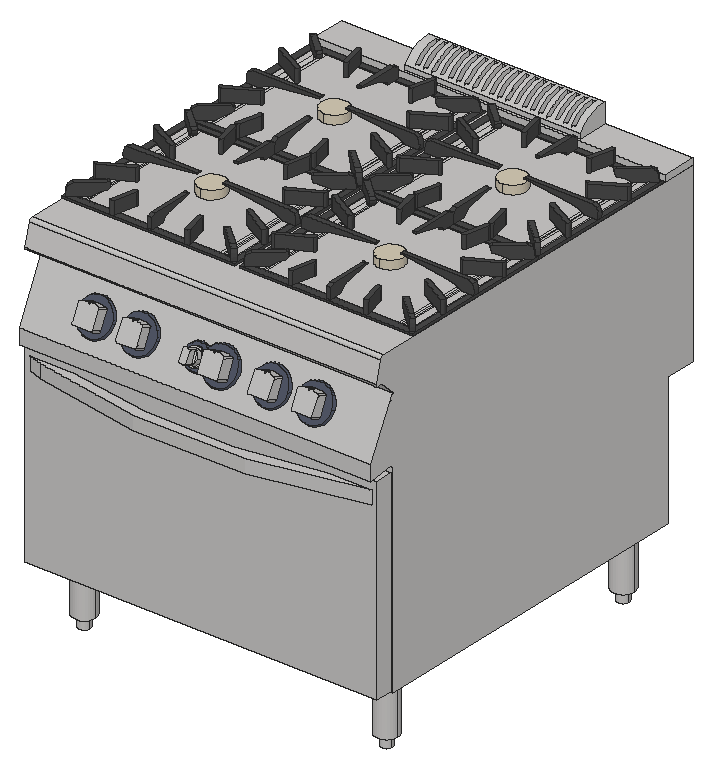
Revit family "QF_ZANUSSI_392004_Z9GCGH4SGL", category Specialty Equipment, Revit 2018 (continued)
Definition of nested family "QF_392004_BURNER"
  Automatic sketch dimensions
    curve 100 to curve 100 = 48.436 mm
    curve 103 to curve 103 = 1.125 mm
    curve 106 to curve 67 = 62.105 mm
    curve 107 to curve 107 = 4.872 mm
    plane 1 "BACK" to curve 104 = 55.96 mm
    curve 107 to curve 104 = 4.872 mm
    plane 1 "BACK" to curve 105 = 5.275 mm
    curve 107 to curve 105 = 11.182 mm
    curve 105 to curve 105 = 4.872 mm  (x2)
    curve 107 to curve 107 = 1.125 mm
    plane 1 "BACK" to curve 104 = 7.524 mm
    plane 1 "BACK" to curve 109 = 7.524 mm
    curve 62 to curve 109 = 41.179 mm
    curve 109 to curve 109 = 4.872 mm
    plane 1 "BACK" to curve 108 = 5.275 mm
    curve 109 to curve 108 = 4.872 mm
    curve 110 to curve 111 = 11.182 mm
    curve 110 to curve 111 = 4.872 mm
    plane 1 "BACK" to curve 108 = 53.711 mm
    curve 111 to curve 108 = 4.872 mm
    curve 111 to curve 108 = 2.25 mm
    radius of Extrusion 4 sketch curve = 30 mm
